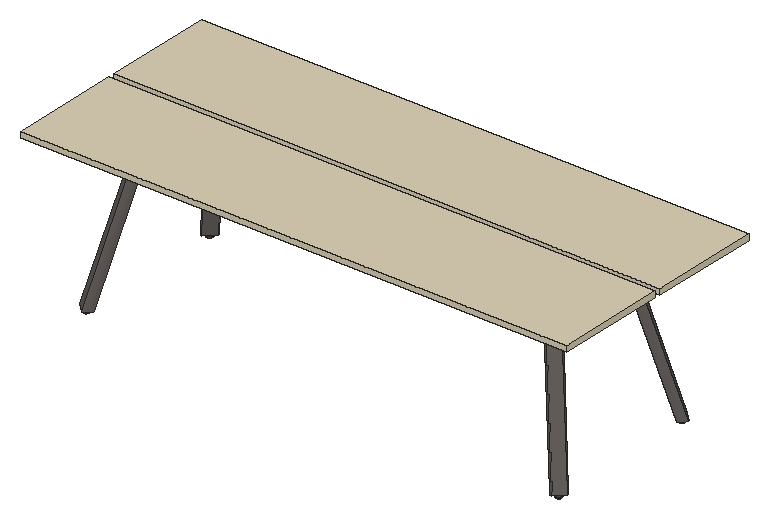
Revit family "Table-Teknion-NFTT_Wood_Table_Rectangular-R2020", category Furniture, Revit 2020 (continued)
Dimensions and locks (in)
  aligned and locked: Sweep 8 sketch curve to plane 7 "Front"
  aligned and locked: Sweep 8 sketch curve to plane 4 "Left"
  aligned and locked: Sweep 8 sketch curve to plane 6 "Back"
  aligned and locked: plane 1 "Center Front/Back" to Sweep 9 sketch curve
  aligned and locked: Sweep 9 sketch curve to Sweep 2  (x2)
  aligned and locked: Sweep 10 sketch curve to plane 3 "Center Left/Right"
  aligned and locked: Sweep 8 to Sweep 10 sketch curve
  aligned and locked: Sweep 10 sketch curve to Sweep 10 sketch curve  (x2)
  aligned and locked: Sweep 11 sketch curve to plane 3 "Center Left/Right"
  aligned and locked: Sweep 11 sketch curve to Sweep 10  (x12)
  aligned and locked: plane 9 to Sweep 12 sketch curve
  aligned and locked: Sweep 12 sketch curve to plane 3 "Center Left/Right"
  aligned and locked: plane 3 "Center Left/Right" to Sweep 13 sketch curve
  aligned and locked: plane 9 to Sweep 13 sketch curve
  aligned and locked: Sweep 13 sketch curve to Sweep 13 sketch curve  (x14)
  aligned and locked: Sweep 14 sketch curve to plane 1 "Center Front/Back"
  aligned and locked: plane 9 to Sweep 14 sketch curve
  aligned and locked: Sweep 13 to Sweep 14 sketch curve
  aligned and locked: Sweep 14 sketch curve to Sweep 13
  aligned and locked: cut or joined group of Sweep 13, Sweep 14, Sweep 15 to Sweep 15 sketch curve  (x3)
  aligned and locked: plane 3 "Center Left/Right" to Sweep 15 sketch curve
  aligned and locked: plane 9 to Sweep 15 sketch curve  (x2)
  aligned and locked: Sweep 15 sketch curve to cut or joined group of Sweep 13, Sweep 14, Sweep 15  (x2)
  aligned and locked: Masking region 4 sketch curve to plane 6 "Back"
  aligned and locked: Masking region 4 sketch curve to plane 4 "Left"
  aligned and locked: Masking region 4 sketch curve to plane 7 "Front"
  aligned and locked: Masking region 4 sketch curve to plane 5 "Right"
  aligned and locked: curve 168 to Sweep 12
  aligned and locked: curve 170 to Sweep 12
  aligned and locked: curve 172 to Sweep 12
  aligned and locked: curve 174 to Sweep 12
  aligned and locked: curve 176 to Sweep 12
  aligned and locked: curve 178 to Sweep 12
  aligned and locked: curve 180 to Sweep 12
  aligned and locked: curve 182 to Sweep 12
  aligned and locked: curve 183 to Sweep 9
  aligned and locked: curve 184 to Sweep 9
  aligned and locked: curve 185 to Sweep 9
  aligned and locked: curve 186 to Sweep 9
  aligned and locked: curve 187 to Sweep 9
  aligned and locked: curve 188 to Sweep 9
  aligned and locked: curve 191 to Sweep 9
  aligned and locked: curve 192 to Sweep 9
  aligned and locked: curve 193 to Sweep 9
  aligned and locked: curve 194 to Sweep 9
  aligned and locked: Sweep 9 to curve 190
  aligned and locked: Sweep 9 to curve 189
  aligned and locked: curve 195 to Sweep 10
  aligned and locked: curve 196 to Sweep 10
  aligned and locked: curve 197 to Sweep 10
  aligned and locked: curve 198 to Sweep 10
  aligned and locked: curve 199 to Sweep 10
  aligned and locked: curve 200 to Sweep 10
  aligned and locked: curve 201 to Sweep 10
  aligned and locked: curve 202 to Sweep 10
  aligned and locked: curve 203 to Sweep 11
  aligned and locked: curve 204 to Sweep 11
  aligned and locked: curve 205 to Sweep 11
  aligned and locked: curve 206 to Sweep 11
  aligned and locked: curve 207 to Sweep 11
  aligned and locked: curve 208 to Sweep 11
  aligned and locked: curve 209 to Sweep 11
  aligned and locked: curve 210 to Sweep 11
  aligned and locked: curve 211 to cut or joined group of Sweep 13, Sweep 14, Sweep 15
  aligned and locked: curve 212 to cut or joined group of Sweep 13, Sweep 14, Sweep 15
  aligned and locked: curve 213 to cut or joined group of Sweep 13, Sweep 14, Sweep 15
  aligned and locked: curve 214 to cut or joined group of Sweep 13, Sweep 14, Sweep 15
  aligned and locked: curve 215 to cut or joined group of Sweep 13, Sweep 14, Sweep 15
  aligned and locked: curve 217 to cut or joined group of Sweep 13, Sweep 14, Sweep 15
  aligned and locked: curve 219 to cut or joined group of Sweep 13, Sweep 14, Sweep 15
  aligned and locked: curve 221 to cut or joined group of Sweep 13, Sweep 14, Sweep 15
  aligned and locked: curve 223 to cut or joined group of Sweep 13, Sweep 14, Sweep 15
  aligned and locked: curve 224 to cut or joined group of Sweep 13, Sweep 14, Sweep 15
  aligned and locked: curve 226 to cut or joined group of Sweep 13, Sweep 14, Sweep 15
  aligned and locked: curve 227 to cut or joined group of Sweep 13, Sweep 14, Sweep 15
  aligned and locked: curve 234 to cut or joined group of Sweep 13, Sweep 14, Sweep 15
  aligned and locked: curve 235 to cut or joined group of Sweep 13, Sweep 14, Sweep 15
  aligned and locked: curve 236 to cut or joined group of Sweep 13, Sweep 14, Sweep 15
  aligned and locked: curve 237 to cut or joined group of Sweep 13, Sweep 14, Sweep 15
  aligned and locked: curve 238 to cut or joined group of Sweep 13, Sweep 14, Sweep 15
  aligned and locked: curve 239 to cut or joined group of Sweep 13, Sweep 14, Sweep 15
  aligned and locked: curve 240 to cut or joined group of Sweep 13, Sweep 14, Sweep 15
  aligned and locked: curve 243 to cut or joined group of Sweep 13, Sweep 14, Sweep 15
  aligned and locked: curve 244 to cut or joined group of Sweep 13, Sweep 14, Sweep 15
  aligned and locked: curve 245 to cut or joined group of Sweep 13, Sweep 14, Sweep 15
  aligned and locked: curve 247 to cut or joined group of Sweep 13, Sweep 14, Sweep 15
  aligned and locked: curve 248 to cut or joined group of Sweep 13, Sweep 14, Sweep 15
  aligned and locked: curve 250 to cut or joined group of Sweep 13, Sweep 14, Sweep 15
  aligned and locked: curve 252 to cut or joined group of Sweep 13, Sweep 14, Sweep 15
  aligned and locked: curve 253 to cut or joined group of Sweep 13, Sweep 14, Sweep 15
  aligned and locked: curve 254 to cut or joined group of Sweep 13, Sweep 14, Sweep 15
  aligned and locked: curve 256 to cut or joined group of Sweep 13, Sweep 14, Sweep 15
  aligned and locked: curve 260 to cut or joined group of Sweep 13, Sweep 14, Sweep 15
  aligned and locked: curve 261 to cut or joined group of Sweep 13, Sweep 14, Sweep 15
  aligned and locked: curve 262 to cut or joined group of Sweep 13, Sweep 14, Sweep 15
  aligned and locked: curve 263 to cut or joined group of Sweep 13, Sweep 14, Sweep 15
  aligned and locked: curve 267 to plane 4 "Left"
  aligned and locked: curve 264 to plane 6 "Back"
  aligned and locked: curve 265 to plane 5 "Right"
  aligned and locked: curve 266 to plane 7 "Front"
  aligned and locked: nested 5 to plane 1 "Center Front/Back"
  aligned and locked: plane 4 "Left" to nested 5
  aligned and locked: plane 1 "Center Front/Back" to nested 7
  aligned and locked: plane 1 "Center Front/Back" to nested 6
  aligned and locked: plane 3 "Center Left/Right" to nested 6
  aligned and locked: nested 7 to plane 5 "Right"
Automatic sketch dimensions
  Sweep 2 sketch curve to Sweep 2 sketch curve = 0.77402"  (x8)
  Masking region 1 sketch curve to plane 20 = 0.000"  (x3)
  Masking region 1 sketch curve to plane 19 = 0.000"
  Masking region 2 sketch curve to plane 20 = 0.000"  (x4)
  Masking region 3 sketch curve to plane 20 = 0.000"  (x5)
  Masking region 3 sketch curve to plane 19 = 0.000"
  curve 1 to plane 5 "Right" = 0.000"
  curve 2 to plane 5 "Right" = 0.000"
  curve 1 to plane 4 "Left" = 0.000"
  curve 2 to plane 4 "Left" = 0.000"
  curve 56 to plane 19 = 6.88848"
  curve 11 to plane 19 = 8.47947"
  curve 41 to plane 21 = 0.91272"
  curve 54 to curve 45 = 0.28689"
  curve 53 to plane 7 "Front" = 5.58547"
  plane 21 to curve 42 = 0.91451"
  curve 40 to curve 35 = 0.00001"
  curve 54 to plane 19 = 6.17883"
  plane 20 to curve 41 = 6.17882"
  curve 49 to curve 48 = 0.00001"
  curve 36 to curve 38 = 0.00001"
  curve 42 to plane 21 = 4.99395"
  curve 53 to plane 19 = 8.00606"
  curve 10 to curve 62 = 0.00001"
  curve 59 to plane 21 = 5.7036"
  curve 17 to plane 19 = 8.00606"
  curve 29 to plane 21 = 4.99395"
  curve 28 to curve 24 = 0.00001"
  curve 16 to plane 19 = 6.17883"
  plane 20 to curve 30 = 6.17882"
  curve 9 to curve 7 = 0.00001"
  curve 23 to curve 26 = 0.00001"
  curve 17 to plane 7 "Front" = 5.58547"
  plane 21 to curve 29 = 0.91451"
  curve 14 to curve 11 = 0.000"
  curve 14 to curve 16 = 0.28689"
  curve 30 to plane 21 = 0.91272"
  curve 23 to plane 21 = 0.20307"
  curve 12 to curve 15 = 0.00001"
  plane 21 to curve 146 = 0.0375"  (x2)
  plane 21 to curve 153 = 0.0375"  (x2)
  plane 21 to curve 152 = 0.0375"  (x2)
  plane 21 to curve 150 = 0.0375"  (x2)
  plane 21 to curve 148 = 0.0375"  (x2)
  plane 21 to curve 143 = 0.0375"  (x2)
  plane 20 to curve 131 = 0.0625"
  curve 132 to plane 19 = 0.0625"
  curve 136 to plane 19 = 0.0625"
  curve 62 to curve 10 = 0.00001"
  curve 164 to curve 161 = 0.000"
  curve 161 to curve 165 = 0.000"
  curve 163 to curve 165 = 0.000"
  curve 165 to curve 164 = 0.000"
  curve 162 to curve 163 = 0.000"
  curve 163 to curve 162 = 0.000"
  curve 155 to curve 155 = 0.000"  (x2)
  curve 155 to curve 156 = 0.000"
  curve 156 to curve 155 = 0.000"
  curve 156 to curve 157 = 0.000"
  curve 157 to curve 156 = 0.000"
  Sweep 12 sketch curve to Sweep 12 sketch curve = 0.49202"
  Sweep 12 sketch curve to Sweep 12 sketch curve = 0.49205"  (x2)
  Sweep 12 sketch curve to Sweep 12 sketch curve = 0.49206"  (x4)
  Sweep 12 sketch curve to Sweep 12 sketch curve = 2.40174"
  Sweep 13 sketch curve to Sweep 13 sketch curve = 0.200"  (x13)
  Sweep 13 sketch curve to Sweep 13 sketch curve = 0.600"
  Sweep 13 sketch curve to Sweep 13 sketch curve = 0.100"  (x4)
  Sweep 13 sketch curve to Sweep 13 sketch curve = 0.800"  (x2)
  Sweep 13 sketch curve to Sweep 13 sketch curve = 0.000"  (x2)
  Sweep 14 sketch curve to plane 9 = 0.050"
  curve 195 to curve 196 = 1.000"
  curve 215 to curve 214 = 0.000"  (x2)
  curve 233 to curve 229 = 0.200"
Nested families (in)
  nested 1: "Leg-Teknion-North_56_Wood_Table_Rectangular-R2020" at (0, 0, 0), Leg Wood Finish <- "Leg Wood Finish", Foot Finish <- "Foot Finish", type "Leg-Teknion-North_56_Wood_Table_Rectangular-R2020"
    with Leg Wood Finish Veneer - Teknion - WX - Empress Walnut, Foot Finish Paint - Teknion - 52 - Ebony
  nested 2: "Leg-Teknion-North_56_Wood_Table_Rectangular-R2020" at (0.00001, -0.00001, 0) x (-1, 0, 0) z (0, 0, 1), Leg Wood Finish <- "Leg Wood Finish", type "Leg-Teknion-North_56_Wood_Table_Rectangular-R2020"
    with Leg Wood Finish Veneer - Teknion - WX - Empress Walnut, Foot Finish Paint - Teknion - 52 - Ebony
  nested 3: "Leg-Teknion-North_56_Wood_Table_Rectangular-R2020" at (0.00001, 0, 0) x (-1, 0, 0) z (0, 0, 1), Leg Wood Finish <- "Leg Wood Finish", type "Leg-Teknion-North_56_Wood_Table_Rectangular-R2020"
    with Leg Wood Finish Veneer - Teknion - WX - Empress Walnut, Foot Finish Paint - Teknion - 52 - Ebony
  nested 4: "Leg-Teknion-North_56_Wood_Table_Rectangular-R2020" at (-0.00001, -0.00001, 0), Leg Wood Finish <- "Leg Wood Finish", type "Leg-Teknion-North_56_Wood_Table_Rectangular-R2020"
    with Leg Wood Finish Veneer - Teknion - WX - Empress Walnut, Foot Finish Paint - Teknion - 52 - Ebony
  nested 5: "Teknion_2D_Node_Family-R2016" at (-48, 0, 28), type "Teknion_2D_Node_Family-R2016"
  nested 6: "Teknion_2D_Node_Family-R2016" at (0, 0, 28), type "Teknion_2D_Node_Family-R2016"
  nested 7: "Teknion_2D_Node_Family-R2016" at (48, 0, 28), type "Teknion_2D_Node_Family-R2016"
Definition of nested family "Leg-Teknion-North_56_Wood_Table_Rectangular-R2020"
  Parameters (values of type "Leg-Teknion-North_56_Wood_Table_Rectangular-R2020")
    Warranty = "http://www.teknion.com/ca/papers/legal-canada"
    Unit Weight URL = "http://www.teknion.com/ca/tools/assets#&asset=bee6a381-b954-425e-8283-5a2de3a804f2,f828d448-4b62-4231-9e5f-9a8991c0ed77"
    URL = "www.teknion.com"
    Sustainability Data = "https://www.teknion.com/ca/tools/assets#&topic=216f99a5-57a0-44fc-b10a-9dee9b29ae4c&asset=444deb64-fe58-4b68-981e-f75e97781df7,b4ff2d81-9f2e-437d-9659-7cffb09c31cf"
    Model = "Leg for North 56 Wood Table - Rectangular"
    Manufacturer Phone = "416-661-3370"  # constant formula
    Manufacturer Fax = "416.661.4586"  # constant formula
    Manufacturer Contact Information = "http://www.teknion.com/ca/contactus"
    Manufacturer Address = "1150 Flint Road, Toronto, ON. M3J 2J5. Canada"  # constant formula
    Manufacturer = "Teknion"  # constant formula
    Leg Wood Finish [instance] = none
    Foot Finish [instance] = none
    Description = "Leg for North 56 Wood Table - Rectangular"
    Default Elevation = 0.000"
    Assembly Code = "E2020200"
  Reference planes (in)
    plane 1 "Center Front/Back": y = 10.6835
    plane 2: z = 0
    plane 3 "Center Left/Right": x = -38.6835
    plane 4 "Left": x = -42.88794
    plane 5 "Right": x = -34.47907
    plane 6 "Back": y = 14.88794
    plane 7 "Front": y = 6.47906
    plane 8 "Top": z = 28
    plane 9: through (-42.09244, 14.09244, 48) normal (0.7071, 0.7071, 0)
    plane 10: z = 0.66929
    plane 11: y = 13.53751
  Forms (in)
    Sweep 1, solid, material <- "Leg Wood Finish"
      path origin (-42.09244, 14.09244, 48) x (-0.707107, 0.707106, 0) y (0, 0, 1)
        loop
          line (-9.46092, -16.38545) -> (1.17692, -51.18024)
      profile origin (-39.16361, 11.16361, 14.21715) x (-0.67621, 0.676209, 0.292372) y (0.707106, 0.707107, 0)
        loop
          arc (-1.6, -1.125) -> (-0.8, -1.29197) -> (0, -1.125) r 2.00002
          line (0, -1.125) -> (0, 1.125)
          arc (0, 1.125) -> (-0.8, 1.29197) -> (-1.6, 1.125) r 2
          line (-1.6, 1.125) -> (-1.6, -1.125)
    Sweep 2, void
      path origin (0, 0, 0) x (1, 0, 0) y (0, 1, 0)
        loop
          line (-38.6835, 16.88794) -> (-38.6835, 4.13794)
      profile origin (-38.6835, 10.51294, 0) x (1, 0, 0) y (0, 0, 1)
        loop
          line (-3.3358, 28) -> (8.6642, 28) -> (8.6642, 33) -> (-3.3358, 33) -> (-3.3358, 28)
        loop
          line (-7.06163, 0.66929) -> (-7.06163, -4.58071) -> (2.18837, -4.58071) -> (2.18837, 0.66929) -> (-7.06163, 0.66929)
    Revolve 3, solid, material <- "Foot Finish"
      sketch origin (-42.88794, 13.53751, 48) x (-1, 0, 0) y (0, 0, 1)
        loop
          line (-0.79179, -47.78334) -> (-1.22969, -47.5) -> (-1.35043, -47.5) -> (-1.35043, -48) -> (-0.93508, -48) -> (-0.84332, -47.85) -> (-0.79663, -47.85)
          arc (-0.79663, -47.85) -> (-0.77448, -47.8181) -> (-0.79179, -47.78334) r 0.03812
        axis (-1.35043, -47.5) -> (-1.35043, -48)
      angle from 0 to 360
    Sweep 4, solid, material <- "Foot Finish"
      path origin (-42.09244, 14.09244, 48) x (-0.707107, 0.707106, 0) y (0, 0, 1)
        loop
          line (-0.92333, -46.61934) -> (-0.64009, -47.54576)
      profile origin (-41.53969, 13.53969, 0.91745) x (-0.67621, 0.676209, 0.292372) y (0.707106, 0.707107, 0)
        loop
          spline (-0.20665, 0.08538) -> (-0.225, 0.06037) -> (-0.23653, 0.03125) -> (-0.24047, 0) -> (-0.23653, -0.03125) -> (-0.225, -0.06037) -> (-0.20665, -0.08538) -> (-0.18273, -0.10457) -> (-0.15489, -0.11663) -> (-0.125, -0.12074) -> (-0.09512, -0.11663) -> (-0.06727, -0.10457) -> (-0.04335, -0.08538)
          spline (-0.04335, -0.08538) -> (-0.025, -0.06037) -> (-0.01347, -0.03125) -> (-0.00953, 0) -> (-0.01347, 0.03125) -> (-0.025, 0.06037) -> (-0.04335, 0.08538) -> (-0.06727, 0.10457) -> (-0.09512, 0.11663) -> (-0.125, 0.12074) -> (-0.15489, 0.11663) -> (-0.18273, 0.10457) -> (-0.20665, 0.08538)
  Cuts and joins
    Sweep 2 cuts Sweep 1
  Dimensions and locks (in)
    plane 4 "Left" to plane 5 "Right" = 8.40887"
    plane 6 "Back" to plane 7 "Front" = 8.40887"
    plane 8 "Top" to level = 28.000"
    equal spacing: plane 6 "Back", plane 1 "Center Front/Back", plane 7 "Front"
    equal spacing: plane 4 "Left", plane 3 "Center Left/Right", plane 5 "Right"
    locked: plane 6 "Back" to plane 11 at 1.35043
    aligned and locked: level to plane 2
    aligned and locked: Sweep 2 sketch curve to plane 3 "Center Left/Right"
    aligned and locked: Sweep 2 sketch curve to plane 10
    aligned and locked: Sweep 2 sketch curve to plane 8 "Top"
    aligned and locked: plane 2 to Revolve 3 sketch curve
  Automatic sketch dimensions
    Sweep 1 sketch curve to profile plane = 0.000"
    profile plane to Sweep 1 sketch curve = 0.800"  (x2)
    Sweep 1 sketch curve to Sweep 1 sketch curve = 0.800"  (x2)
    Sweep 1 sketch curve to profile plane = 1.125"
    Sweep 1 sketch curve to profile plane = 0.70803"
    profile plane to Sweep 1 sketch curve = 0.70805"
    Sweep 1 sketch curve to Sweep 1 sketch curve = 0.41695"
    plane 8 "Top" to Sweep 1 sketch curve = 3.61455"
    Sweep 1 sketch curve to level = 3.18024"
    Sweep 1 sketch curve to Sweep 1 sketch curve = 10.63784"
    plane 7 "Front" to Sweep 2 sketch curve = 2.34113"
    plane 6 "Back" to Sweep 2 sketch curve = 2.000"
    profile plane to Sweep 2 sketch curve = 7.06163"
    profile plane to Sweep 2 sketch curve = 3.3358"
    Sweep 2 sketch curve to profile plane = 2.18837"
    Sweep 2 sketch curve to profile plane = 8.6642"
    Sweep 2 sketch curve to level = 4.58071"
    Sweep 2 sketch curve to Sweep 2 sketch curve = 5.000"
    Revolve 3 sketch curve to plane 10 = 0.16929"
    plane 4 "Left" to Revolve 3 sketch curve = 1.35043"
    Revolve 3 sketch curve to Revolve 3 sketch curve = 0.12074"
    Revolve 3 sketch curve to Revolve 3 sketch curve = 0.41535"
    level to Revolve 3 sketch curve = 0.150"
    Revolve 3 sketch curve to Revolve 3 sketch curve = 0.09176"
    Revolve 3 sketch curve to Revolve 3 sketch curve = 0.03082"
    Revolve 3 sketch curve to Revolve 3 sketch curve = 0.01587"
    level to Revolve 3 sketch curve = 0.21666"
    Revolve 3 sketch curve to Revolve 3 sketch curve = 0.02071"
    Revolve 3 sketch curve to Revolve 3 sketch curve = 0.000"
    Revolve 3 sketch curve to level = 0.13593"
    Revolve 3 sketch curve to Revolve 3 sketch curve = 0.03957"
    plane 9 to Sweep 4 sketch curve = 0.08538"
    profile plane to Sweep 4 sketch curve = 0.20665"
    profile plane to Sweep 4 sketch curve = 0.125"
    Sweep 4 sketch curve to Sweep 4 sketch curve = 0.000"  (x2)
    profile plane to Sweep 4 sketch curve = 0.04335"
    plane 9 to Sweep 4 sketch curve = 0.000"
    Sweep 4 sketch curve to Sweep 4 sketch curve = 0.03536"
Definition of nested family "Teknion_2D_Node_Family-R2016"
  Reference planes (in)
    plane 1 "Center (Front/Back)": y = 0
    plane 2: z = 0
    plane 3 "Center (Left/Right)": x = 0
  Lines and regions (in)
    detail lines, in view "Ref. Level"
      curve 1: circle (0, 0, 0) r 1.25 normal (0, 0, 1)
      curve 2: line (1.91508, -1.91508, 0) -> (-1.91508, 1.91508, 0)
      curve 3: line (-1.91508, -1.91508, 0) -> (1.91508, 1.91508, 0)
Types (3): name | Worksurface Finish | Standard Top | Right Support | Leg Wood Finish | Left Support | Hardware Finish | Frame Finish | Description | Center Support | Bracket Finish | 3 Support | Split Two Piece Top | Model
  (no name) | Veneer - Teknion - MP - Natural Maple | no | yes | Veneer - Teknion - WX - Empress Walnut | yes | Seamless Paint - Teknion - 25 - Crisp Grey | Veneer - Teknion - WX - Empress Walnut | "Wood Table - Rectangular, Split Two Piece Top, 29\" Height, 40\" Depth" | yes | Seamless Paint - Teknion - 25 - Crisp Grey | yes | yes | "NFTTT2940_"
  Split Two Piece Top | Veneer - Teknion - MP - Natural Maple | no | yes | Veneer - Teknion - WX - Empress Walnut | yes | Seamless Paint - Teknion - 25 - Crisp Grey | Veneer - Teknion - WX - Empress Walnut | "Wood Table - Rectangular, Split Two Piece Top, 29\" Height, 40\" Depth" | yes | Seamless Paint - Teknion - 25 - Crisp Grey | yes | yes | "NFTTT2940_"
  Standard Top | Veneer -Teknion - UU - Rustic Oak - Sierra | yes | no | Veneer -Teknion - UU - Rustic Oak - Sierra | no | Paint-Teknion-23-Z-Foundation-Foundry Onyx | Veneer -Teknion - UU - Rustic Oak - Sierra | "Wood Table - Standard Top, 29\" Height, 40\" Depth" | no | Paint-Teknion-23-Z-Foundation-Foundry Onyx | no | no | "NFTTS2940_"
